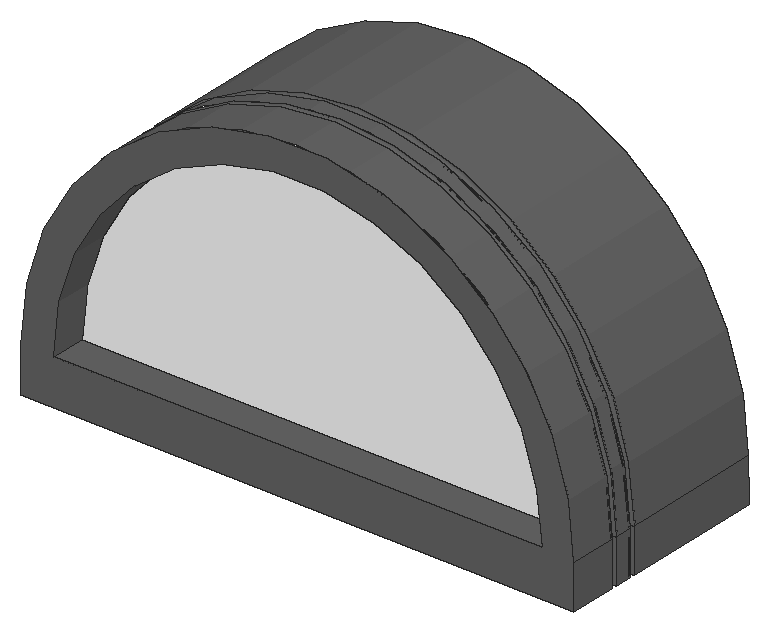
Revit family "RDI2", category Lighting Fixtures, host Face, Revit 2014
Parameters (values of type "RDI2")
  Wattage Comments = "30W"
  Wattage = 30 W
  built-in parameter 1150110 = 1 (stored number, unit not read)
  URL = "https://www.hubbell.com/hubbelllightingci/en"
  built-in parameter 1114217 = 1 (stored number, unit not read)
  Tilt Angle = 70.00°
  built-in parameter 1150109 = 1 (stored number, unit not read)
  built-in parameter 1150134 = 3
  built-in parameter 1150113 = 1 (stored number, unit not read)
  Product Page URL = "https://www.hubbell.com/hubbelllightingci/en/Products/Lighting-Controls/Commercial-Outdoor-Lighting/Wall-Mount/RDI2-GeoPak/p/2518988"
  Product Documentation Link = "https://hubbellcdn.com/specsheet/Geopak%20TRP2%20RDI2%20LOW%20GLARE.pdf"
  Photometric Web File = "TRP2-24L-30-3K7-1.ies"
  Model = "RDI2"  # constant formula
  Manufacturer = "Hubbell Outdoor Lighting"  # constant formula
  built-in parameter 1150105 = -14137770.2 (stored number, unit not read)
  Lumens = 3930 lm
  built-in parameter 1150115 = 1 (stored number, unit not read)
  built-in parameter 1150137 = (empty or 0)
  built-in parameter 1150139 = (empty or 0)
  built-in parameter 1150112 = 1 (stored number, unit not read)
  built-in parameter 1150114 = 1 (stored number, unit not read)
  Lamp = "LED"
  Opal lens = Glass - Hubbell - White
  built-in parameter 1150132 = (empty or 0)
  built-in parameter 1150102 = (empty or 0)
  built-in parameter 1150107 = 3200 (stored number, unit not read)
  built-in parameter 1150138 = (empty or 0)
  built-in parameter 1150106 = -141377.7 (stored number, unit not read)
  Finish2 = White
  built-in parameter 1150104 = 12.17 (stored number, unit not read)
  Dimming Lamp Color Temperature Shift = <None>
  Description = "Mid sized architectural wallpacks in three stylish shapes with molded contours to accentuate building architecture. Provides excellent illumination in energy-saving LED systems."  # constant formula
  Default Elevation = 48"
  Finish = Black
  Color Filter = 16777215
  built-in parameter 1114218 = 1 (stored number, unit not read)
  built-in parameter 1150133 = 10 (stored number, unit not read)
Reference planes (in)
  plane 1 "Center (Front/Back)": y = 2
  plane 2: z = 0
  plane 3 "Center (Left/Right)": x = 0
  plane 4: y = -5.13
  plane 5: z = 10.5
  plane 6: x = 9.065
  plane 7: x = -9.0625
  plane 8: x = 5.815
  plane 9: y = -3.47871
Forms (in)
  Extrusion 1, solid, material "Black" <- "Finish"
    sketch origin (0, 2, 0) x (1, 0, 0) y (0, 0, 1)
      loop
        line (-9.0625, 1.43625) -> (-9.0625, 0) -> (-8.8125, 0) -> (-8.8125, 1.43625)
        arc (-8.8125, 1.43625) -> (0.00125, 10.25) -> (8.815, 1.43625) r 8.81375
        line (8.815, 1.43625) -> (8.815, 0) -> (9.065, 0) -> (9.065, 1.43625)
        arc (9.065, 1.43625) -> (0.00125, 10.5) -> (-9.0625, 1.43625) r 9.06375
    from 0 to 7.13
  Extrusion 2, solid, material "Black" <- "Finish"
    sketch origin (0, 2, 0) x (1, 0, 0) y (0, 0, 1)
      loop
        arc (9.065, 1.43625) -> (0.00125, 10.5) -> (-9.0625, 1.43625) r 9.06375
        line (-9.0625, 1.43625) -> (-9.0625, 0) -> (9.065, 0) -> (9.065, 1.43625)
    from 0 to 0.33068
  Extrusion 3, solid, material "Black" <- "Finish"
    sketch origin (0, 2, 0) x (1, 0, 0) y (0, 0, 1)
      loop
        arc (9.065, 1.43625) -> (0.00125, 10.5) -> (-9.0625, 1.43625) r 9.06375
        line (-9.0625, 1.43625) -> (-9.0625, 0) -> (9.065, 0) -> (9.065, 1.43625)
    from 4.16528 to 5.97871
  Extrusion 4, solid, material "Black" <- "Finish"
    sketch origin (0, 2, 0) x (1, 0, 0) y (0, 0, 1)
      loop
        line (-8.8125, 0) -> (8.815, 0) -> (8.815, 0.5) -> (-8.8125, 0.5) -> (-8.8125, 0)
    from 5.97871 to 7.13
  Extrusion 5, solid, material "Black" <- "Finish"
    sketch origin (0, 0, 0) x (1, 0, 0) y (0, 1, 0)
      loop
        line (9.065, 2) -> (-9.0625, 2) -> (-9.0625, -3.97871) -> (9.065, -3.97871) -> (9.065, 2)
    from 0 to 0.21509
  Extrusion 6, void
    sketch origin (0, 2, -0.25) x (1, 0, 0) y (0, 0, 1)
      loop
        arc (8.03596, 1.75) -> (0.03596, 9.75) -> (-7.96404, 1.75) r 8
        line (-7.96404, 1.75) -> (8.03596, 1.75)
    from 4.51347 to 5.97871
  Sweep 7, void
    path origin (0, -3.47871, 10.81839) x (0, 0, 1) y (-1, 0, 0)
      loop
        line (-10.81839, -9.065) -> (-9.38214, -9.065)
        arc (-9.38214, -9.065) -> (-0.31839, -0.00125) -> (-9.38214, 9.0625) r 9.06375
        line (-9.38214, 9.0625) -> (-10.81839, 9.0625)
    profile origin (0.00125, -3.47871, 10.5) x (0, 0, -1) y (0, -1, 0)
      loop
        circle (0, 0) r 0.09361
  Sweep 8, void
    path origin (0, -2.75, 10.81839) x (0, 0, 1) y (-1, 0, 0)
      loop
        line (-10.81839, -9.065) -> (-9.38214, -9.065)
        arc (-9.38214, -9.065) -> (-0.31839, -0.00125) -> (-9.38214, 9.0625) r 9.06375
        line (-9.38214, 9.0625) -> (-10.81839, 9.0625)
    profile origin (0.00125, -2.75, 10.5) x (0, 0, -1) y (0, -1, 0)
      loop
        circle (0, 0) r 0.09361
  Extrusion 9, solid, material "Glass - Hubbell - White" <- "Opal lens"
    sketch origin (0, 2, 0) x (1, 0, 0) y (0, 0, 1)
      loop
        line (-7.96404, 1.5) -> (8.03596, 1.5)
        arc (8.03596, 1.5) -> (0.03596, 9.5) -> (-7.96404, 1.5) r 8
    from 4.84361 to 5.97871
  Extrusion 10, solid, material "Black" <- "Finish"
    sketch origin (0, 2, 0) x (1, 0, 0) y (0, 0, 1)
      loop
        line (-7.96404, 1.5) -> (8.03596, 1.5)
        arc (8.03596, 1.5) -> (0.03596, 9.5) -> (-7.96404, 1.5) r 8
      loop
        arc (9.065, 1.43625) -> (0.00125, 10.5) -> (-9.0625, 1.43625) r 9.06375
        line (-9.0625, 1.43625) -> (-9.0625, 0) -> (9.065, 0) -> (9.065, 1.43625)
    from 5.97871 to 7.13
Cuts and joins
  Extrusion 6, Sweep 7, Sweep 8 cuts Extrusion 1
  Extrusion 6, Sweep 7, Sweep 8 cuts Extrusion 2
  Extrusion 6, Sweep 7, Sweep 8 cuts Extrusion 3
  Extrusion 6, Sweep 7, Sweep 8 cuts Extrusion 4
  Extrusion 6, Sweep 7, Sweep 8 cuts Extrusion 5
  joined: Extrusion 1, Extrusion 2, Extrusion 3, Extrusion 4, Extrusion 5, Extrusion 10
Dimensions and locks (in)
  plane 7 to plane 6 = 18.1275"
  aligned and locked: plane 2 to host face
  aligned and locked: level to host face
  aligned and locked: Extrusion 1 to plane 1 "Center (Front/Back)"
  aligned and locked: plane 4 to Extrusion 1
  aligned and locked: Extrusion 2 to plane 1 "Center (Front/Back)"
  aligned and locked: Extrusion 4 to cut or joined group 1 (Extrusion 1, Extrusion 2, Extrusion 3, Extrusion 4, Extrusion 5, Extrusion 6, Sweep 7, Sweep 8, Extrusion 10)
  aligned and locked: plane 4 to Extrusion 4
  aligned and locked: Extrusion 5 to level
  aligned and locked: Extrusion 5 sketch curve to cut or joined group 1
  aligned and locked: Extrusion 3 to Extrusion 6
Connectors (in)
  electrical at (0, 0, 0), driven by "Description"
    settings: index 1, voltage 0 V, apparent load 0 VA, apparent load phase1 0 VA, apparent load phase2 0 VA, apparent load phase3 0 VA, power factor 1, load classification "Other", number of poles 1, system type 30, power factor state 1, is connector primary yes, connector utility no, sub classification motor no, connector description "Mid sized architectural wallpacks in three stylish shapes with molded contours to accentuate building architecture. Provides excellent illumination in energy-saving LED systems."
